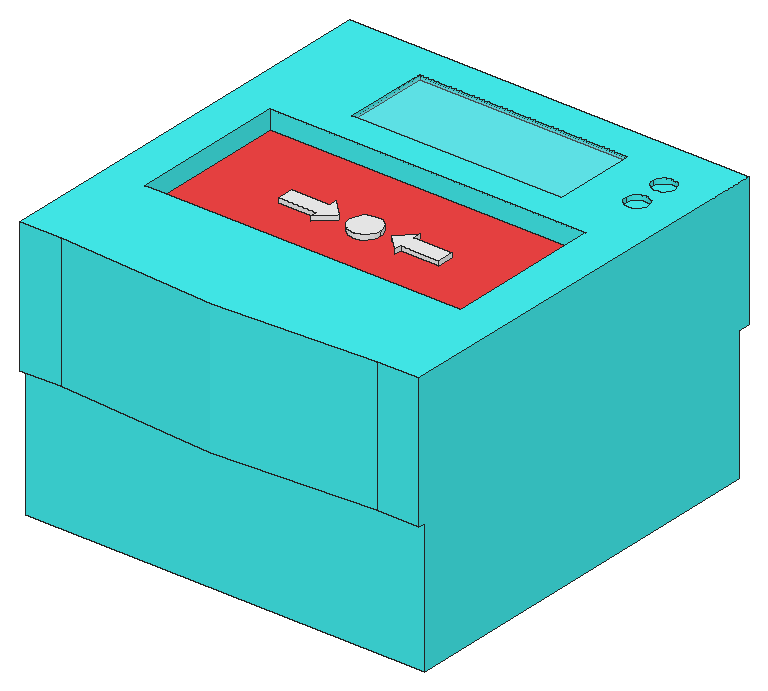
Revit family "Maxlogic yangın alarm buton", category Fire Alarm Devices, host Face, Revit 2021
Family settings
  Host = Face
  Maintain Annotation Orientation = Yes
  Round Connector Dimension = Use Diameter
  Part Type = Normal
  OmniClass Number = 23.85.30.21
  OmniClass Title = Environmental Detection/Registration
  Cut with Voids When Loaded = No
  Shared = No
  Room Calculation Point = No
Parameters (values of type "Maxlogic Konvansiyonel Yangın Alarm Butonu Resetlenebilir")
  Weight = "140 gr."
  Weatherproof surface mounting back box = ""
  Warranty Duration Unit = "Year"
  Warranty Duration Parts = "2"
  Warranty Duration Labor = "2"
  Version = ""
  URL = "https://www.mavili.com.tr/"
  Recessed mounting base = ""
  Public Works Pose Number = "830-102"
  Protective Cover = "ML-0710"
  Protection Sign = "IP22D"
  Product Code = "ML-2710"
  Phone Number = "(+)90 216 466 45 05"
  Operatonal Voltage (default) = "24 V/DC"
  Operating voltage range = "10-30 V/DC"
  Operating temperature = "(-10°C) - (+55°C)"
  Nominal Depth = "58 mm"
  Nominal  Width = "87 mm"
  Nominal Height = "91 mm"
  Mounting surface = "Duvara montaj"
  Mounting height = "Zeminden 1,4m yukarıda (+/-200mm)"
  Model = "MaxLogic"
  Manufacturer = "Mavili Elektronik Ticaret A.Ş."
  Button LED = no
  Installation Manual = "https://mavilielektronik.com/Revit/ML2710_kk.pdf"
  Indicator output = ""
  Fax Number = "(+)90 216 466 45 10"
  External supply = ""
  Email = "mavili@mavili.com.tr"
  Disclaimer = ""
  Device Adress Setup = ""
  Description = "Konvansiyonel Yangın Alarm Butonu Resetlenebilir"
  Default Elevation = 0 mm
  Current consumption = ""
  Cost unıt = ""
  Cost = 0
  Compatible sockets = ""
  Color = "Kırmızı"
  Code Performance = "EN 54-11"
  Main Material = "Red Plastic ABS"
  Secondary Material = "Plastic"
  Address line 1 = "Şerifali Mahallesi Kutup Sokak No:27/1-2-4 Ümraniye TR-34775 İSTANBUL"
Types (4, lengths in mm): name | Weight | Public Works Pose Number | Product Code | Operating voltage range | Button LED | Installation Manual | Device Adress Setup | Description
  (no name) | "140 gr." | "830-102" | "ML-2710" | "10-30 V/DC" | no | "https://mavilielektronik.com/Revit/ML2710_kk.pdf" | "" | "Konvansiyonel Yangın Alarm Butonu Resetlenebilir"
  Maxlogic Konvansiyonel Yangın Alarm Butonu Resetlenebilir | "140 gr." | "830-102" | "ML-2710" | "10-30 V/DC" | no | "https://mavilielektronik.com/Revit/ML2710_kk.pdf" | "" | "Konvansiyonel Yangın Alarm Butonu Resetlenebilir"
  Maxlogic Adresli Yangın Alarm Butonu Resetlenebilir | "150 gr." | "833-557" | "ML-1710" | "18-33 V/DC" | yes | "https://mavilielektronik.com/Revit/ML1710_kk.pdf" | "El Tipi Adresleme Cihazı" | "Adresli yangın alarm butonu"
  Maxlogic Adresli Yangın Alarm Butonu Resetlenebilir, Kısa Devre İzolatörlü | "150 gr." | "833-558" | "ML-1710.SCI" | "10-30 V/DC" | yes | "https://mavilielektronik.com/Revit/ML1710_kk.pdf" | "El Tipi Adresleme Cihazı" | "Adresli yangın alarm butonu (Kısa devre izolatörlü)"
Reference planes
  plane 1 "Center (Front/Back)": y = 0
  plane 2: z = 0
  plane 3 "Center (Left/Right)": x = 0
Forms (mm)
  Extrusion 1, solid, material "MAVİLİ KIRMIZI"
    sketch origin (0, 0, 0) x (1, 0, 0) y (0, 1, 0)
      loop
        line (0, 89.883) -> (0, 0) -> (8.74, 0)
        arc (8.74, 0) -> (43.246, -2.016) -> (77.752, 0) r 296.28
        line (77.752, 0) -> (87.027, 0) -> (87.027, 89.883) -> (0, 89.883)
    from 0 to 58
  Extrusion 2, void
    sketch origin (0, 0, 0) x (0, 1, 0) y (0, 0, 1)
      loop
        line (89.883, 29.005) -> (87.283, 29.005) -> (87.283, -4.106) -> (89.883, -4.106) -> (89.883, 29.005)
    from 0 to 90.479
  Extrusion 3, void
    sketch origin (0, 0, 0) x (0, 1, 0) y (0, 0, 1)
      loop
        line (-3.567, 28.975) -> (-3.567, -2.735) -> (1.471, -2.735) -> (1.471, 28.975) -> (-3.567, 28.975)
    from 0 to 87.027
  Extrusion 4, void
    sketch origin (0, 0, 58) x (0, 1, 0) y (1, 0, 0)
      loop
        line (57.252, 8.74) -> (57.252, 77.752) -> (22.919, 77.752) -> (22.919, 8.74) -> (57.252, 8.74)
    from 0 to 5
  Extrusion 5, solid, material "Render Material 255-0-0"
    sketch origin (0, 0, 53) x (0, 1, 0) y (-1, 0, 0)
      loop
        line (57.252, -8.74) -> (22.919, -8.74) -> (22.919, -77.752) -> (57.252, -77.752) -> (57.252, -8.74)
    from 0 to 1
  Extrusion 6, solid, material "Render Material 255-255-255"
    sketch origin (0, 0, 54) x (1, 0, 0) y (0, 1, 0)
      loop
        circle (43.246, 40.085) r 3.37
    from 0 to 1
  Extrusion 7, solid, material "Render Material 255-255-255"
    sketch origin (0, 0, 54) x (1, 0, 0) y (0, 1, 0)
      loop
        line (49.1, 40.085) -> (52.47, 36.715) -> (52.47, 38.309) -> (60.788, 38.309) -> (60.788, 41.861) -> (52.47, 41.861) -> (52.47, 43.455) -> (49.1, 40.085)
    from 0 to 1
  Extrusion 8, solid, material "Render Material 255-255-255"
    sketch origin (86.492, 0, 54) x (-1, 0, 0) y (0, -1, 0)
      loop
        line (49.1, -40.085) -> (52.47, -43.455) -> (52.47, -41.861) -> (60.788, -41.861) -> (60.788, -38.309) -> (52.47, -38.309) -> (52.47, -36.715) -> (49.1, -40.085)
    from 0 to 1
  Extrusion 9, void
    sketch origin (0, 0, 58) x (0, 1, 0) y (1, 0, 0)
      loop
        circle (78.518, 77.752) r 2.471
    from 0 to 1
  Extrusion 10, void
    sketch origin (0, -7.362, 58) x (0, 1, 0) y (1, 0, 0)
      loop
        circle (78.518, 77.752) r 2.471
    from 0 to 1
  Extrusion 11, void
    sketch origin (0, 0, 58) x (0, 1, 0) y (1, 0, 0)
      loop
        line (82.6, 21.063) -> (82.6, 66.836) -> (64.116, 66.836) -> (64.116, 21.063) -> (82.6, 21.063)
    from 0 to 1
  Extrusion 12, solid, material "MAVİLİ ETİKET"
    sketch origin (0, 0, 57) x (0, 1, 0) y (-1, 0, 0)
      loop
        line (82.6, -21.063) -> (64.116, -21.063) -> (64.116, -66.836) -> (82.6, -66.836) -> (82.6, -21.063)
    from 0 to 0.5
  Revolve 13, solid, visible <- "Button LED"
    sketch origin (0, 0, 58) x (1, 0, 0) y (0, 1, 0)
      loop
        arc (75.282, 78.518) -> (77.752, 76.048) -> (80.223, 78.518) r 2.471
        line (80.223, 78.518) -> (75.282, 78.518)
      axis (75.282, 78.518) -> (80.223, 78.518)
    angle from 0 to -180
  Revolve 14, solid, visible <- "Button LED"
    sketch origin (0, -7.362, 58) x (1, 0, 0) y (0, 1, 0)
      loop
        arc (75.282, 78.518) -> (77.752, 76.048) -> (80.223, 78.518) r 2.471
        line (80.223, 78.518) -> (75.282, 78.518)
      axis (75.282, 78.518) -> (80.223, 78.518)
    angle from 0 to -180
Cuts and joins
  Extrusion 2, Extrusion 3, Extrusion 4, Extrusion 9, Extrusion 10, Extrusion 11 cuts Extrusion 1
Dimensions and locks
  aligned and locked: plane 2 to host face
  aligned and locked: level to host face
